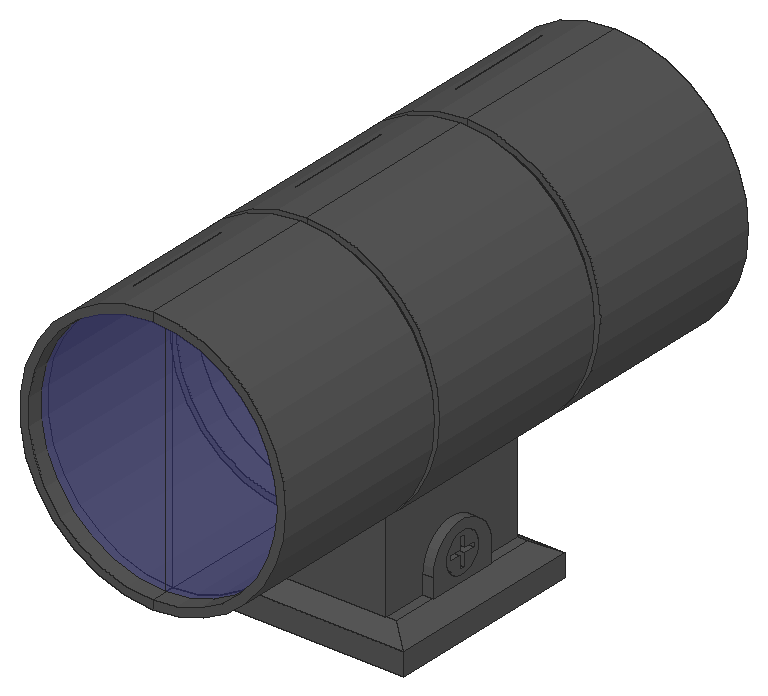
Revit family "CARLO CYLINDER LIGHT WALL MOUNT", category Lighting Fixtures, host Face, Revit 2020 (continued)
Types (10): name | Wattage_Input | Wattage Comments | Wattage | Photometric Web File | built-in parameter 1150142 | Model | built-in parameter 1150105 | Lumens | Light Length 1 | LIGHT RADIUS | LIGHT PLACEMENT | LIGHT LENGTH | LIGHT DIA | built-in parameter 1150106 | FIXED END HEIGHT | Curve base Height | Base Curve | BEAMING ANGLE | Apparent Load
    1 895.89 \r\n 896.17 \r\n892.81 895.91 895.69 893.87 890.72 886.45 881.13 874.82 867.75 860.36 \r\n 852.19 842.84 832.61 821.74 810 797.22 783.57 769.17 754.02 738.03 \r\n 721.61 705.33 688.61 670.88 652.65 634.31 615.64 596.56 577.07 556.99 \r\n 536.81 517.11 497.44 477.41 457.4 437.66 418.11 398.67 379.51 360.73 \r\n 342.41 324.65 307.5 291.03 275.26 260.29 246.02 232.1 219.44 209.01 \r\n 200.25 193.02 186.98 181.73 177.22 173.3 169.81 166.56 163.57 160.8 \r\n 158.25 155.92 153.76 151.74 149.84 148 146.25 144.67 143.08 141.34 \r\n 139.5 137.92 135.59 131.21 125.94 120.73 114.84 107.67 99.761 91.382 \r\n 82.75 74.226 65.638 56.789 48.114 39.984 32.4 25.319 19.254 14.794 \r\n 11.667 10.04 9.1815 8.4018 7.7485 6.9897 6.2744 5.6683 5.1889 4.9167 \r\n 4.729 4.5226 4.3198 4.1028 3.8889 3.6908 3.5047 3.332 3.1701 3.0163 \r\n 2.8716 2.7389 2.6103 2.4786 2.3441 2.1979 2.0609 1.9601 1.8693 1.7685 \r\n 1.6664 1.5619 1.4646 1.3891 1.3193 1.2414 1.163 1.0847 1.013 0.96103 \r\n 0.9096 0.83684 0.76378 0.70661 0.65791 0.62209 0.58629 0.53324 0.48067 0.44358 \r\n 0.41276 0.38503 0.3573 0.3229 0.28942 0.26367 0.24143 0.22083 0.20154 0.18174 \r\n 0.16397 0.1521 0.14034 0.12182 0.10368 0.09236 0.082992 0.072275 0.061921 0.052928 \r\n 0.044138 0.033902 0.024691 0.018997 0.015105 0.012607 0.010065 0.0047877 0.00012457 0 \r\n 0 0 0 0 0 0 0 0 0 0 \r\n 0 0 0 0 0 0 0 0 0 0 \r\n 0 0 0.000019 0.00059599 0.0020722 0.0052165 0.0092883 0.013909 0.01876 0.022265 \r\n 0.027822 0.040216 0.053712 0.062781 0.071587 0.082558 0.095383 0.11159 0.1281 0.14039 \r\n 0.15427 0.17585 0.19965 0.22155 0.24355 0.26519 0.28974 0.32202 0.35689 0.39002 \r\n 0.42377 0.45783 0.49581 0.54424 0.5942 0.63561 0.67859 0.73312 0.79277 0.85516 \r\n 0.9181 0.97469 1.0368 1.1194 1.206 1.2818 1.356 1.4308 1.5131 1.6169 \r\n 1.7244 1.8173 1.9107 2.0111 2.1261 2.2749 2.4294 2.5622 2.6899 2.8158 \r\n 2.9531 3.1203 3.3051 3.4978 3.7098 3.9603 4.2165 4.4475 4.6667 4.8629 \r\n 5.0783 5.3448 5.6825 6.1348 6.6632 7.25 7.8765 8.5099 9.1759 9.636 \r\n 10.65 12.913 16.383 21.44 27.514 34.154 41.376 49.081 57.165 65.541 \r\n 74.058 82.588 90.983 99.101 106.81 113.9 120.46 126.76 132.14 135.74 \r\n 138.39 140.61 142.52 144.49 146.41 148.26 150.19 152.38 154.73 157.17 \r\n 159.76 162.52 165.51 168.81 172.46 176.49 181.02 186.05 191.93 198.99 \r\n 207.26 216.89 227.97 240.89 254.89 269.12 284.18 300.56 317.72 335.22 \r\n 353.22 371.81 390.76 409.83 429.1 448.55 468.24 488.38 508.6 528.66 \r\n 548.48 567.86 586.92 605.78 624.31 642.37 660.12 677.74 695.16 712.43 \r\n 729.42 746.22 762.34 777.22 791.14 804.18 816.35 827.67 838.13 847.85 \r\n 856.59 863.99 870.53 876.64 882.1 886.85 890.74 893.67 895.5 896.04 \r\n 896.17 \r\n892.81 895.83 895.71 893.95 890.87 886.76 881.61 875.39 868.42 861.18 \r\n 853.18 843.91 833.79 823.24 811.8 799.06 785.4 771.06 756 740.17 \r\n 723.87 707.54 690.75 673.08 654.97 636.81 618.31 599.3 579.82 559.63 \r\n 539.35 519.73 500.14 480.05 459.97 440.3 420.82 401.34 382.1 363.21 \r\n 344.79 327.01 309.84 293.25 277.42 262.68 248.59 234.41 221.36 210.66 \r\n 201.66 194.25 188.06 182.7 178.09 174.04 170.43 167.1 164.06 161.25 \r\n 158.66 156.26 154.04 151.97 150.05 148.26 146.56 144.98 143.4 141.68 \r\n 139.88 138.27 135.99 131.97 127.01 121.68 115.6 108.44 100.61 92.361 \r\n 83.828 75.251 66.613 57.907 49.349 41.102 33.324 26.046 19.815 15.313 \r\n 12.178 10.5 9.6022 8.846 8.201 7.3493 6.5148 5.8064 5.2507 4.9651 \r\n 4.7863 4.5804 4.3758 4.1482 3.9217 3.7125 3.5195 3.3505 3.1938 3.0385 \r\n 2.8892 2.7476 2.6112 2.4798 2.348 2.2036 2.0657 1.954 1.8541 1.76 \r\n 1.6659 1.5579 1.4543 1.3732 1.3016 1.2347 1.1661 1.0809 1.0003 0.94938 \r\n 0.902 0.83444 0.7648 0.7032 0.64983 0.61532 0.58197 0.52945 0.47634 0.4369 \r\n 0.40373 0.37571 0.34828 0.31396 0.28036 0.25365 0.23069 0.21112 0.19272 0.17166 \r\n 0.15237 0.14026 0.12863 0.11003 0.092077 0.081984 0.073455 0.061441 0.049423 0.039613 \r\n 0.030766 0.02178 0.014442 0.010869 0.0089633 0.0074943 0.0059728 0.0028411 0.000074 0 \r\n 0 0 0 0 0 0 0 0 0 0 \r\n 0 0 0 0 0 0 0 0 0 0 \r\n 0 0 0.000029 0.00085281 0.0030795 0.0081186 0.01433 0.020612 0.026759 0.030942 \r\n 0.036931 0.04995 0.063811 0.072339 0.080723 0.092721 0.10644 0.12171 0.13716 0.14994 \r\n 0.16429 0.18491 0.20763 0.22926 0.25153 0.27425 0.29995 0.33286 0.36771 0.39922 \r\n 0.43165 0.46706 0.50673 0.55533 0.60485 0.6452 0.68738 0.74372 0.80541 0.86767 \r\n 0.93078 0.99062 1.0556 1.1375 1.2225 1.298 1.3719 1.4446 1.5249 1.6282 \r\n 1.7354 1.8275 1.9203 2.022 2.1375 2.2815 2.4324 2.5711 2.7044 2.8255 \r\n 2.9563 3.1219 3.3054 3.4931 3.7004 3.9503 4.2071 4.437 4.6571 4.853 \r\n 5.0865 5.4229 5.8375 6.3361 6.894 7.4918 8.1186 8.7407 9.4068 9.8977 \r\n 10.984 13.391 17.032 22.251 28.477 35.25 42.579 50.348 58.467 66.847 \r\n 75.376 84.001 92.456 100.5 108.01 114.65 120.83 127.15 132.6 136.03 \r\n 138.49 140.65 142.55 144.47 146.35 148.17 150.08 152.28 154.63 157.04 \r\n 159.59 162.31 165.29 168.59 172.25 176.24 180.73 185.74 191.61 198.65 \r\n 206.93 216.61 227.69 240.37 254.25 268.92 284.49 300.99 318.11 335.46 \r\n 353.28 371.7 390.59 409.92 429.44 448.77 468.31 488.6 508.98 528.87 \r\n 548.53 568.07 587.31 606.1 624.48 642.37 660.04 677.83 695.49 712.94 \r\n 730.03 746.67 762.56 777.32 791.13 804.02 816.04 827.2 837.61 847.55 \r\n 856.53 863.91 870.44 876.8 882.48 887.24 891.08 893.99 895.78 896.21 \r\n 896.17 \r\n892.81 895.82 895.78 894.06 891.05 887.1 882.12 876 869.13 862.04 \r\n 854.17 845 835.01 824.74 813.57 800.87 787.2 772.93 757.98 742.32 \r\n 726.16 709.77 692.91 675.29 657.28 639.28 620.93 602.01 582.54 562.27 \r\n 541.91 522.36 502.85 482.68 462.52 442.93 423.53 404.02 384.7 365.7 \r\n 347.18 329.37 312.16 295.44 279.54 265.04 251.14 236.69 223.28 212.31 \r\n 203.08 195.48 189.13 183.66 178.95 174.76 171.03 167.63 164.53 161.68 \r\n 159.06 156.59 154.3 152.19 150.25 148.49 146.85 145.27 143.68 141.99 \r\n 140.22 138.58 136.34 132.67 128.01 122.52 116.22 109.06 101.31 93.195 \r\n 84.776 76.147 67.459 58.89 50.447 42.096 34.147 26.714 20.357 15.816 \r\n 12.666 10.944 10.012 9.2808 8.6455 7.7084 6.7615 5.9511 5.3174 5.0171 \r\n 4.8461 4.6413 4.4357 4.1978 3.9582 3.7365 3.5349 3.3696 3.2182 3.0607 \r\n 2.9061 2.756 2.6125 2.4822 2.3534 2.2112 2.0724 1.9503 1.8415 1.7536 \r\n 1.6669 1.5559 1.4466 1.36 1.2864 1.2293 1.1696 1.0779 0.98909 0.93881 \r\n 0.89505 0.83268 0.7666 0.70087 0.64291 0.60913 0.57772 0.52609 0.47293 0.43111 \r\n 0.39541 0.36689 0.33958 0.30531 0.27162 0.24404 0.2204 0.20159 0.18384 0.16165 \r\n 0.14104 0.12863 0.11705 0.09851 0.080869 0.071873 0.06405 0.050821 0.037253 0.026642 \r\n 0.017722 0.0099695 0.0044542 0.0028676 0.0028218 0.0023651 0.0018803 0.00089441 0.000023 0 \r\n 0 0 0 0 0 0 0 0 0 0 \r\n 0 0 0 0 0 0 0 0 0 0 \r\n 0 0 0.000036 0.0010437 0.0038831 0.010533 0.018575 0.026272 0.033566 0.038509 \r\n 0.045038 0.058573 0.072709 0.080864 0.088983 0.10189 0.11637 0.13076 0.14521 0.15839 \r\n 0.17311 0.19267 0.21426 0.23566 0.25829 0.28228 0.30926 0.34257 0.37718 0.40717 \r\n 0.43849 0.47552 0.517 0.56532 0.61394 0.65331 0.69498 0.75331 0.81712 0.87902 \r\n 0.94195 1.0046 1.0723 1.1535 1.2371 1.3124 1.3858 1.457 1.5356 1.6379 \r\n 1.7444 1.836 1.9289 2.0323 2.1483 2.2871 2.4337 2.5769 2.7147 2.8314 \r\n 2.9563 3.1204 3.3023 3.4842 3.6862 3.9358 4.1938 4.4233 4.6451 4.8414 \r\n 5.0918 5.491 5.9772 6.5264 7.1203 7.7333 8.3624 8.9694 9.6346 10.171 \r\n 11.343 13.893 17.695 23.055 29.416 36.326 43.772 51.615 59.779 68.166 \r\n 76.702 85.404 93.903 101.87 109.2 115.46 121.27 127.56 133.03 136.3 \r\n 138.6 140.71 142.59 144.47 146.3 148.09 149.98 152.17 154.52 156.9 \r\n 159.41 162.11 165.06 168.37 172.02 175.98 180.43 185.42 191.27 198.3 \r\n 206.57 216.28 227.36 239.84 253.6 268.67 284.66 301.27 318.36 335.58 \r\n 353.24 371.53 390.38 409.95 429.71 448.91 468.31 488.75 509.27 529 \r\n 548.5 568.22 587.66 606.38 624.63 642.4 660.02 677.98 695.86 713.46 \r\n 730.59 747.04 762.7 777.33 791.04 803.82 815.73 826.77 837.14 847.26 \r\n 856.44 863.85 870.4 876.97 882.86 887.61 891.38 894.3 896.06 896.38 \r\n 896.17 \r\n892.81 896.04 896.05 894.36 891.39 887.59 882.76 876.77 870 862.95 \r\n 855.15 846.14 836.33 826.18 815.1 802.45 788.84 774.71 759.9 744.38 \r\n 728.33 711.99 695.15 677.57 659.61 641.64 623.34 604.49 585.1 564.84 \r\n 544.49 525 505.53 485.29 465.06 445.5 426.15 406.66 387.31 368.21 \r\n 349.57 331.65 314.35 297.49 281.51 267.15 253.36 238.73 225.04 213.86 \r\n 204.44 196.65 190.14 184.55 179.73 175.42 171.59 168.11 164.96 162.09 \r\n 159.44 156.92 154.57 152.43 150.47 148.72 147.09 145.51 143.91 142.23 \r\n 140.46 138.82 136.61 133.13 128.62 123.03 116.58 109.42 101.72 93.731 \r\n 85.42 76.753 68.013 59.502 51.112 42.7 34.668 27.198 20.805 16.199 \r\n 12.983 11.204 10.238 9.5312 8.9224 7.96 6.9645 6.0819 5.3835 5.068 \r\n 4.8998 4.699 4.4969 4.2533 4.004 3.7685 3.556 3.3935 3.2465 3.0839 \r\n 2.9224 2.7676 2.6218 2.4941 2.3692 2.2296 2.091 1.9622 1.847 1.7609 \r\n 1.6775 1.566 1.4549 1.3643 1.2881 1.2353 1.1797 1.0837 0.98962 0.93863 \r\n 0.89625 0.83798 0.77506 0.70639 0.64453 0.6095 0.57811 0.5284 0.47675 0.43305 \r\n 0.39482 0.36519 0.3373 0.303 0.26932 0.24107 0.21667 0.19755 0.17954 0.15684 \r\n 0.13577 0.12323 0.11171 0.093444 0.076115 0.067357 0.059534 0.045718 0.031424 0.020151 \r\n 0.011015 0.004232 0 0 0 0 0 0 0 0 \r\n 0 0 0 0 0 0 0 0 0 0 \r\n 0 0 0 0 0 0 0 0 0 0 \r\n 0 0 0.000036 0.0010311 0.0038853 0.010599 0.018796 0.026794 0.034519 0.04013 \r\n 0.047244 0.060875 0.075004 0.083342 0.091717 0.10503 0.11977 0.13384 0.14789 0.1611 \r\n 0.17578 0.19461 0.21555 0.2371 0.2603 0.28532 0.31325 0.34676 0.38126 0.41083 \r\n 0.44214 0.48107 0.52415 0.57122 0.61822 0.65735 0.69967 0.76034 0.82615 0.88706 \r\n 0.94862 1.0117 1.0803 1.1626 1.2469 1.3214 1.394 1.4661 1.5457 1.6468 \r\n 1.7522 1.8438 1.9377 2.0442 2.1621 2.2975 2.4398 2.582 2.7194 2.8348 \r\n 2.9588 3.1254 3.3081 3.4825 3.6774 3.9287 4.191 4.424 4.6484 4.8415 \r\n 5.0935 5.507 6.0221 6.6289 7.2794 7.9192 8.5569 9.1372 9.7971 10.41 \r\n 11.711 14.453 18.454 23.949 30.435 37.504 45.1 53.049 61.29 69.734 \r\n 78.292 86.963 95.399 103.3 110.52 116.59 122.2 128.33 133.65 136.73 \r\n 138.87 140.93 142.79 144.62 146.42 148.18 150.06 152.24 154.57 156.94 \r\n 159.45 162.13 165.06 168.38 172.04 176 180.45 185.46 191.32 198.36 \r\n 206.64 216.41 227.54 240.06 253.88 269.03 285.11 301.76 318.87 336.09 \r\n 353.75 372.07 390.95 410.62 430.45 449.59 468.93 489.45 510.05 529.67 \r\n 549.08 568.91 588.46 607.16 625.36 643.14 660.82 678.9 696.86 714.41 \r\n 731.43 747.71 763.18 777.69 791.31 804.05 815.94 826.99 837.36 847.45 \r\n 856.63 864.11 870.76 877.41 883.36 888.06 891.76 894.67 896.42 896.65 \r\n 896.17 \r\n892.81 896.49 896.51 894.82 891.88 888.18 883.5 877.65 870.99 863.89 \r\n 856.06 847.28 837.69 827.49 816.32 803.74 790.26 776.3 761.68 746.26 \r\n 730.3 714.1 697.37 679.82 661.83 643.78 625.43 606.67 587.4 567.25 \r\n 546.99 527.54 508.07 487.76 467.47 447.92 428.6 409.16 389.83 370.64 \r\n 351.86 333.8 316.35 299.34 283.26 268.92 255.15 240.41 226.58 215.26 \r\n 205.67 197.71 191.04 185.33 180.4 176 172.08 168.54 165.35 162.46 \r\n 159.79 157.24 154.85 152.68 150.69 148.93 147.28 145.68 144.07 142.36 \r\n 140.58 138.96 136.78 133.3 128.79 123.15 116.65 109.48 101.82 93.93 \r\n 85.709 77.021 68.23 59.697 51.294 42.872 34.852 27.463 21.126 16.435 \r\n 13.105 11.261 10.263 9.5788 9.0122 8.0883 7.1128 6.1932 5.4481 5.1169 \r\n 4.9452 4.7506 4.5565 4.3123 4.0574 3.8077 3.5823 3.4217 3.2779 3.1074 \r\n 2.9377 2.7825 2.6392 2.5156 2.395 2.2583 2.1209 1.9895 1.8707 1.7821 \r\n 1.6975 1.5883 1.4792 1.3863 1.3069 1.253 1.1963 1.0985 1.0025 0.94936 \r\n 0.90596 0.85042 0.79006 0.71981 0.65494 0.61676 0.58351 0.53659 0.48791 0.44294 \r\n 0.40237 0.37106 0.34194 0.30754 0.27395 0.24523 0.22006 0.19957 0.18041 0.15782 \r\n 0.13719 0.1247 0.11326 0.095464 0.078417 0.068994 0.060445 0.046731 0.032603 0.020923 \r\n 0.01131 0.0043242 0 0 0 0 0 0 0 0 \r\n 0 0 0 0 0 0 0 0 0 0 \r\n 0 0 0 0 0 0 0 0 0 0 \r\n 0 0 0.000029 0.00081884 0.0030854 0.0082882 0.014926 0.022072 0.029466 0.03559 \r\n 0.043287 0.05657 0.070405 0.079488 0.088637 0.10181 0.11629 0.13064 0.14492 0.1578 \r\n 0.17203 0.19052 0.21137 0.23343 0.25735 0.28304 0.31151 0.34505 0.37966 0.40991 \r\n 0.44231 0.48328 0.52765 0.57267 0.61747 0.65707 0.7011 0.76433 0.83192 0.89132 \r\n 0.95042 1.0113 1.0789 1.1642 1.2515 1.3245 1.3958 1.4713 1.5544 1.6546 \r\n 1.7584 1.8506 1.9462 2.0569 2.1781 2.3122 2.4508 2.5864 2.7187 2.836 \r\n 2.9646 3.1374 3.3234 3.4888 3.675 3.9299 4.1993 4.4394 4.6669 4.8535 \r\n 5.0911 5.4684 5.9669 6.6352 7.3605 8.0389 8.6925 9.2366 9.8872 10.603 \r\n 12.072 15.05 19.285 24.913 31.517 38.768 46.544 54.625 62.971 71.522 \r\n 80.118 88.652 96.919 104.74 111.93 118.03 123.62 129.46 134.46 137.3 \r\n 139.28 141.29 143.14 144.93 146.7 148.45 150.32 152.48 154.79 157.19 \r\n 159.72 162.39 165.32 168.64 172.32 176.31 180.8 185.85 191.76 198.83 \r\n 207.16 216.98 228.23 241.05 255.08 270.03 285.84 302.46 319.63 336.99 \r\n 354.82 373.3 392.3 411.9 431.64 450.79 470.16 490.7 511.29 530.88 \r\n 550.25 570.1 589.7 608.4 626.65 644.6 662.43 680.55 698.45 715.76 \r\n 732.5 748.64 764.01 778.4 791.94 804.7 816.67 827.83 838.25 848.11 \r\n 857.07 864.67 871.48 878.1 883.96 888.57 892.2 895.11 896.85 897.01 \r\n 896.17 \r\n892.81 896.95 896.97 895.27 892.34 888.74 884.18 878.47 871.9 864.74 \r\n 856.86 848.29 838.9 828.6 817.32 804.81 791.47 777.68 763.23 747.9 \r\n 732.01 715.94 699.32 681.78 663.75 645.6 627.18 608.5 589.37 569.37 \r\n 549.22 529.8 510.3 489.94 469.59 450.04 430.74 411.35 392.04 372.78 \r\n 353.88 335.68 318.09 300.96 284.77 270.39 256.59 241.81 227.9 216.47 \r\n 206.76 198.64 191.81 185.98 180.97 176.48 172.5 168.9 165.66 162.76 \r\n 160.08 157.51 155.1 152.89 150.87 149.09 147.42 145.8 144.17 142.43 \r\n 140.63 139.02 136.84 133.29 128.7 123.02 116.5 109.33 101.68 93.866 \r\n 85.717 77.017 68.187 59.619 51.196 42.795 34.829 27.568 21.328 16.569 \r\n 13.135 11.242 10.225 9.5614 9.0359 8.1681 7.2342 6.2952 5.5153 5.1668 \r\n 4.9863 4.7971 4.6112 4.3682 4.1094 3.8465 3.6086 3.4486 3.3069 3.1285 \r\n 2.9512 2.7972 2.658 2.5382 2.4212 2.2872 2.1511 2.0188 1.8978 1.8057 \r\n 1.7187 1.6123 1.5063 1.412 1.3298 1.2728 1.2135 1.115 1.0185 0.96276 \r\n 0.91742 0.86379 0.80551 0.73443 0.66727 0.62562 0.59004 0.5459 0.50034 0.45444 \r\n 0.41182 0.37884 0.34843 0.3139 0.28044 0.25139 0.22553 0.20347 0.18298 0.1607 \r\n 0.14075 0.12829 0.11687 0.099644 0.08292 0.072572 0.063094 0.049747 0.036106 0.024186 \r\n 0.013928 0.0057087 0.00023288 0 0 0 0 0 0 0 \r\n 0 0 0 0 0 0 0 0 0 0 \r\n 0 0 0 0 0 0 0 0 0 0 \r\n 0 0 0.000019 0.00055196 0.0020798 0.0054059 0.010062 0.015985 0.022758 0.029301 \r\n 0.037534 0.050308 0.063744 0.073746 0.08382 0.096624 0.11061 0.12541 0.14014 0.1526 \r\n 0.16628 0.18458 0.20551 0.22804 0.25257 0.2788 0.30766 0.34115 0.37584 0.40695 \r\n 0.44056 0.48338 0.52883 0.57184 0.61454 0.65461 0.70033 0.76588 0.83501 0.89295 \r\n 0.94954 1.0074 1.0734 1.1619 1.2525 1.3238 1.3935 1.4728 1.5598 1.6592 \r\n 1.7616 1.8543 1.9517 2.0665 2.1911 2.3246 2.4598 2.5877 2.7139 2.8343 \r\n 2.9689 3.148 3.3369 3.4937 3.6711 3.929 4.2049 4.4524 4.6833 4.8637 \r\n 5.0839 5.4117 5.8801 6.605 7.4048 8.1262 8.8011 9.311 9.9533 10.774 \r\n 12.408 15.61 20.063 25.813 32.53 39.96 47.914 56.127 64.578 73.238 \r\n 81.873 90.251 98.335 106.09 113.27 119.47 125.08 130.62 135.24 137.87 \r\n 139.71 141.67 143.51 145.26 146.99 148.73 150.59 152.73 155.03 157.44 \r\n 159.99 162.67 165.6 168.92 172.6 176.63 181.16 186.26 192.21 199.3 \r\n 207.66 217.53 228.89 242.06 256.33 270.98 286.43 302.99 320.23 337.75 \r\n 355.78 374.45 393.57 413.07 432.68 451.86 471.28 491.81 512.38 531.94 \r\n 551.31 571.17 590.8 609.54 627.85 645.99 664 682.13 699.94 716.97 \r\n 733.42 749.43 764.73 779.02 792.5 805.33 817.41 828.71 839.17 848.77 \r\n 857.49 865.21 872.19 878.75 884.49 889.02 892.58 895.49 897.23 897.33 \r\n 896.17 \r\n892.81 897.38 897.39 895.66 892.74 889.21 884.74 879.14 872.66 865.43 \r\n 857.5 849.11 839.88 829.46 818.04 805.61 792.42 778.8 764.49 749.22 \r\n 733.37 717.4 700.86 683.31 665.23 646.99 628.51 609.91 590.92 571.07 \r\n 551.05 531.65 512.12 491.7 471.3 451.75 432.47 413.12 393.83 374.52 \r\n 355.54 337.23 319.51 302.27 285.98 271.5 257.63 242.84 228.94 217.44 \r\n 207.63 199.37 192.41 186.49 181.4 176.85 172.82 169.17 165.9 162.98 \r\n 160.3 157.71 155.28 153.04 151 149.18 147.49 145.85 144.19 142.42 \r\n 140.58 138.98 136.76 133.08 128.35 122.64 11
